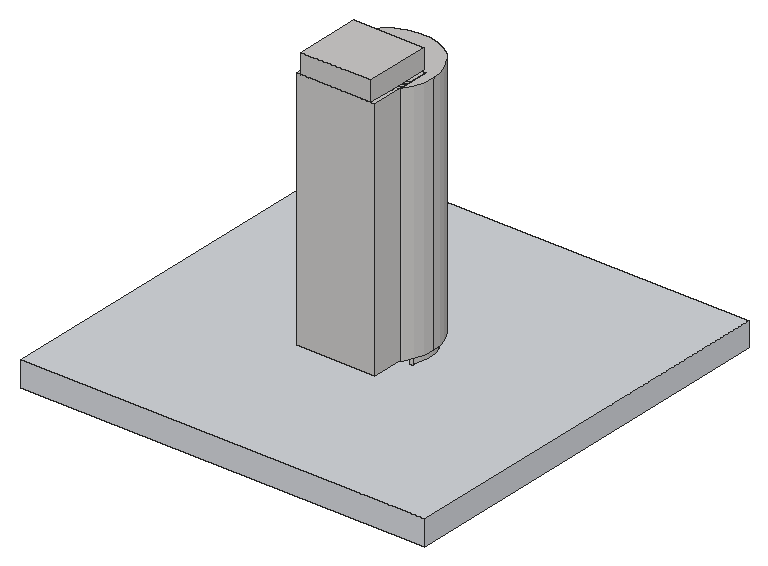
Revit family "DC_Rheem_PLM_HeavyDutyGas_630260", category Plumbing Fixtures, host Face, Revit 2018
Family settings
  Host = Face
  Round Connector Dimension = Use Radius
  Part Type = Normal
  Cut with Voids When Loaded = No
  Shared = No
  Room Calculation Point = No
Parameters (values of type "Heavy Duty Gas Storage - Outdoor - 260L - 51 MJ/h - Natural gas")
  URL = "http://www.rheem.com.au/CommercialProducts"
  Type Comments = "385L first hour delivery @ 50oC rise\r\n"
  TopDiameterD1_ANZRS = 189.215 mm
  T&PRValveRadius_ANZRS = 16 mm
  Thickness_ANZRS = 35.2 mm
  Model = "630260N0\r\n"
  Materials_ANZRS = Rheem - Joey Grey Steel
  Manufacturer = "Rheem\r\n"
  HotWaterOutletPipeRadius_ANZRS = HotWaterOutletPipeDiameter_ANZRS / 2  # 16 mm
  HotWaterOutletPipeDiameter_ANZRS = 32 mm
  GasInletPipeRadius_ANZRS = 10 mm
  DesignBy_ANZRS = "Design Content ©\r\n"
  Description = "Heavy Duty Gas Storage - Outdoor - 260L - 51 MJ/h - Natural gas"
  Default Elevation = 0 mm
  CylinderRadius_ANZRS = CylinderDiameterD2_ANZRS / 2  # 296.5 mm
  CylinderDiameterD2_ANZRS = 593 mm
  ColdWaterInletPipeRadius_ANZRS = ColdWaterInletPipeDiameter_ANZRS / 2  # 16 mm
  ColdWaterInletPipeDiameter_ANZRS = 32 mm
  Author_ANZRS = "DM"
  Assembly Code = ""
Types (3, lengths in mm): name | URL | Model | HotWaterOutletPipeRadius_ANZRS | HotWaterOutletPipeDiameter_ANZRS | Description | ColdWaterInletPipeRadius_ANZRS | ColdWaterInletPipeDiameter_ANZRS
  (no name) | "http://www.rheem.com.au/CommercialProducts" | "630260N0\r\n" | 16 | 32 | "Heavy Duty Gas Storage - Outdoor - 260L - 51 MJ/h - Natural gas" | 16 | 32
  Heavy Duty Gas Storage - Outdoor - 260L - 51 MJ/h - Natural gas | "http://www.rheem.com.au/CommercialProducts" | "630260N0\r\n" | 16 | 32 | "Heavy Duty Gas Storage - Outdoor - 260L - 51 MJ/h - Natural gas" | 16 | 32
  Heavy Duty Gas Storage - Outdoor - 260L - 47 MJ/h - Propane gas | "http://www.rheem.com.au/Products/commercialproducts/gas/rheemheavydutygasstoragewaterheater260litreindoor620260" | "630260P0\r\n" | 0 | 0 | "Heavy Duty Gas Storage - Outdoor - 260L - 47 MJ/h - Propane gas (Propane Gas not avaible in NSW)" | 0 | 0
Reference planes
  plane 1 "Center (Front/Back)": y = 0
  plane 2: z = 0
  plane 3 "Center (Left/Right)": x = 0
  plane 4: y = 296.5
  plane 5: y = -296.5
  plane 6: x = -296.5
  plane 7: x = 296.5
  plane 8: z = 1520
  plane 9: z = 1640
  plane 10: y = -328.5
  plane 11: y = -383.5
  plane 12: z = 175
  plane 13: x = -331.7
  plane 14: x = 331.7
  plane 15: y = 331.7
  plane 16: y = -331.7
  plane 17 "Base": z = 0
  plane 18: z = 50
  plane 19: z = 328
  plane 20: z = 1326
  plane 21: z = 525
  plane 22: x = -306.5
  plane 23: x = -286.5
  plane 24 "B": through (0, 0, 18000) normal (0.7071, 0.7071, 0)
  plane 25 "A": through (0, 0, 18000) normal (0.809, 0.5878, 0)
  plane 26: x = 210
  plane 27: x = -210
  plane 28: y = 32
  plane 29: through (0, 0, 18000) normal (0.454, -0.891, 0)
  plane 30 "Gas": through (-287.303, -146.388, 18000) normal (-0.891, -0.454, 0)
Forms (mm)
  Extrusion 1, solid
    sketch origin (0, 0, 0) x (1, 0, 0) y (0, 1, 0)
      loop
        line (-1219.2, 1219.2) -> (-1219.2, -1219.2) -> (1219.2, -1219.2) -> (1219.2, 1219.2) -> (-1219.2, 1219.2)
    from 0 to -150
  Extrusion 2, solid, material "Rheem - Joey Grey Steel" <- "Materials_ANZRS"
    sketch origin (0, 0, 0) x (1, 0, 0) y (0, 1, 0)
      loop
        circle (0, 0) r 296.5
    from 50 to 1520
  Extrusion 3, solid, material "Rheem - Joey Grey Steel" <- "Materials_ANZRS"
    sketch origin (0, 0, 0) x (-1, 0, 0) y (0, -1, 0)
      loop
        arc (-92.759, -252.881) -> (0.986, -269.355) -> (94.607, -252.195) r 269.356
        arc (94.607, -252.195) -> (99.995, -238.041) -> (85.683, -233.089) r 10.549
        arc (85.683, -233.089) -> (0, -248.339) -> (-85.683, -233.089) r 248.339
        arc (-85.683, -233.089) -> (-99.715, -239.233) -> (-92.759, -252.881) r 10.527
      loop
        arc (-252.372, 93.871) -> (-269.264, 0) -> (-252.372, -93.871) r 269.264
        arc (-252.372, -93.871) -> (-240.052, -101.259) -> (-233.089, -88.694) r 9.989
        arc (-233.089, -88.694) -> (-249.394, 0) -> (-233.089, 88.694) r 249.394
        arc (-233.089, 88.694) -> (-240.052, 101.259) -> (-252.372, 93.871) r 9.989
      loop
        arc (252.372, 93.871) -> (240.052, 101.259) -> (233.089, 88.694) r 9.989
        arc (233.089, 88.694) -> (249.394, 0) -> (233.089, -88.694) r 249.394
        arc (233.089, -88.694) -> (240.052, -101.259) -> (252.372, -93.871) r 9.989
        arc (252.372, -93.871) -> (269.264, 0) -> (252.372, 93.871) r 269.264
      loop
        arc (-92.759, 252.881) -> (-99.715, 239.233) -> (-85.683, 233.089) r 10.527
        arc (-85.683, 233.089) -> (0, 248.339) -> (85.683, 233.089) r 248.339
        arc (85.683, 233.089) -> (99.995, 238.041) -> (94.607, 252.195) r 10.549
        arc (94.607, 252.195) -> (0.986, 269.355) -> (-92.759, 252.881) r 269.356
    from 0 to 50
  Extrusion 4, solid, material "Rheem - Joey Grey Steel" <- "Materials_ANZRS"
    sketch origin (0, 0, 0) x (1, 0, 0) y (0, 1, 0)
      loop
        line (-235, 20.887) -> (-235, -364.113) -> (235, -364.113) -> (235, 20.887) -> (-235, 20.887)
    from 50 to 1520
  Extrusion 5, solid, material "Rheem - Joey Grey Steel" <- "Materials_ANZRS"
    sketch origin (0, 0, -610) x (1, 0, 0) y (0, 1, 0)
      loop
        line (-210, -364.113) -> (210, -364.113) -> (210, 32) -> (-210, 32) -> (-210, -364.113)
    from 2130 to 2250
  Extrusion 6, solid, material "Rheem - Joey Grey Steel" <- "Materials_ANZRS"
    sketch origin (0, 0, 0) x (0, 1, 0) y (0, 0, 1)
      loop
        circle (0, 1326) r 16
      loop
        circle (0, 328) r 16
    from -306.5 to -286.5
  Extrusion 7, solid, material "Rheem - Joey Grey Steel" <- "Materials_ANZRS"
    sketch origin (-235, -714.634, 13.4) x (0, 1, 0) y (0, 0, -1)
      loop
        circle (386.134, -161.6) r 10
    from 7.19 to -1.911
Cuts and joins
  joined: Extrusion 2, Extrusion 3, Extrusion 5, Extrusion 6, Extrusion 7
Lines and regions (mm)
  Masking region 1
    outline origin (0, 0, 0) x (1, 0, 0) y (0, 1, 0)
      loop
        line (-235, -180.796) -> (-235, -364.113) -> (-210, -364.113) -> (-210, -383.5) -> (210, -383.5) -> (210, -364.113) -> (235, -364.113) -> (235, -180.796)
        arc (235, -180.796) -> (0, 296.5) -> (-235, -180.796) r 296.5
  Masking region 2
    outline origin (0, 0, 0) x (1, 0, 0) y (0, 0, 1)
      loop
        line (-210, 1640) -> (-210, 1520) -> (-296.5, 1520) -> (-296.5, 1358) -> (-306.5, 1358) -> (-306.5, 1294) -> (-296.5, 1294) -> (-296.5, 360) -> (-306.5, 360) -> (-306.5, 296) -> (-296.5, 296) -> (-296.5, 50) -> (-269.264, 50) -> (-269.264, 0) -> (269.264, 0) -> (269.264, 50) -> (296.5, 50) -> (296.5, 1520) -> (210, 1520) -> (210, 1640) -> (-210, 1640)
  Masking region 3
    outline origin (0, 0, 0) x (0, 1, 0) y (0, 0, 1)
      loop
        line (32, 1640) -> (-383.5, 1640) -> (-383.5, 1520) -> (-349.113, 1520) -> (-349.113, 50) -> (-269.356, 50) -> (-269.356, 0) -> (269.356, 0) -> (269.356, 50) -> (296.5, 50) -> (296.5, 1520) -> (32, 1520) -> (32, 1640)
  symbolic lines, style "Rheem Heavy Duty Gas Storage", detail levels fine
    curve 1: line (0, 32, 1640) -> (0, -383.5, 1640)
    curve 2: line (0, 32, 1520) -> (0, 32, 1640)
    curve 3: line (0, -383.5, 1520) -> (0, 32, 1520)
    curve 4: line (0, -383.5, 1640) -> (0, -383.5, 1520)
    curve 5: line (0, 296.5, 1520) -> (0, -180.796, 1520)
    curve 6: line (0, 296.5, 50) -> (0, 296.5, 1520)
    curve 7: line (0, -180.796, 50) -> (0, 296.5, 50)
    curve 8: line (0, -180.796, 1520) -> (0, -180.796, 50)
    curve 9: line (0, -349.113, 50) -> (0, -180.796, 50)
    curve 10: line (0, -349.113, 1520) -> (0, -349.113, 50)
    curve 11: line (0, -180.796, 1520) -> (0, -349.113, 1520)
    curve 12: line (0, 269.356, 0) -> (0, 269.356, 50)
    curve 13: line (0, 231.957, 0) -> (0, 269.356, 0)
    curve 14: line (0, 231.957, 50) -> (0, 231.957, 0)
    curve 15: line (0, -269.356, 0) -> (0, -269.356, 50)
    curve 16: line (0, -231.957, 0) -> (0, -269.356, 0)
    curve 17: line (0, -231.957, 50) -> (0, -231.957, 0)
    curve 18: line (0, 101.601, 0) -> (0, -101.601, 0)
    curve 19: line (0, 101.601, 50) -> (0, 101.601, 0)
    curve 20: line (0, -101.601, 0) -> (0, -101.601, 50)
    curve 21: arc (0, 32, 1326) -> (0, 0, 1358) -> (0, -32, 1326) r 32
    curve 22: arc (0, -32, 1326) -> (0, 0, 1294) -> (0, 32, 1326) r 32
    curve 23: arc (0, 32, 328) -> (0, 0, 360) -> (0, -32, 328) r 32
    curve 24: arc (0, -32, 328) -> (0, 0, 296) -> (0, 32, 328) r 32
    curve 25: line (-296.5, 0, 1520) -> (296.5, 0, 1520)
    curve 26: line (-296.5, 0, 50) -> (-296.5, 0, 1520)
    curve 27: line (296.5, 0, 50) -> (-296.5, 0, 50)
    curve 28: line (296.5, 0, 1520) -> (296.5, 0, 50)
    curve 29: line (-210, 0, 1640) -> (210, 0, 1640)
    curve 30: line (-210, 0, 1520) -> (-210, 0, 1640)
    curve 31: line (210, 0, 1520) -> (-210, 0, 1520)
    curve 32: line (210, 0, 1640) -> (210, 0, 1520)
    curve 33: line (-100.986, 0, 50) -> (100.33, 0, 50)
    curve 34: line (-100.986, 0, 0) -> (-100.986, 0, 50)
    curve 35: line (100.33, 0, 50) -> (100.33, 0, 0)
    curve 36: line (-269.264, 0, 50) -> (-232.662, 0, 50)
    curve 37: line (-269.264, 0, 0) -> (-269.264, 0, 50)
    curve 38: line (-232.662, 0, 50) -> (-232.662, 0, 0)
    curve 39: line (269.264, 0, 50) -> (232.662, 0, 50)
    curve 40: line (269.264, 0, 0) -> (269.264, 0, 50)
    curve 41: line (232.662, 0, 50) -> (232.662, 0, 0)
    curve 42: line (-210, 32, 0) -> (210, 32, 0)
    curve 43: line (-210, -383.5, 0) -> (-210, 32, 0)
    curve 44: line (210, -383.5, 0) -> (-210, -383.5, 0)
    curve 45: line (210, 32, 0) -> (210, -383.5, 0)
    curve 46: line (-210, 20.887, 0) -> (-235, 20.887, 0)
    curve 47: line (-235, 20.887, 0) -> (-235, -364.113, 0)
    curve 48: line (-235, -364.113, 0) -> (-210, -364.113, 0)
    curve 49: line (210, -364.113, 0) -> (235, -364.113, 0)
    curve 50: line (235, -364.113, 0) -> (235, 20.887, 0)
    curve 51: line (235, 20.887, 0) -> (210, 20.887, 0)
    curve 52: arc (235, -181.59, 0) -> (0, 296.985, 0) -> (-235, -181.59, 0) r 296.985
    curve 53: line (-296.5, 0, 360) -> (-306.5, 0, 360)
    curve 54: line (-306.5, 0, 360) -> (-306.5, 0, 296)
    curve 55: line (-306.5, 0, 296) -> (-296.5, 0, 296)
    curve 56: line (-235, -364.113, 1520) -> (-235, -364.113, 50)
    curve 57: line (235, -364.113, 50) -> (235, -364.113, 1520)
    curve 58: line (171.5, -364.113, 50) -> (-171.5, -364.113, 50)
  model lines, style "Rheem Heavy Duty Gas Storage"
    curve 59: arc (0, -338.5, 175) -> (0, -328.5, 185) -> (0, -318.5, 175) r 10
    curve 60: arc (0, -318.5, 175) -> (0, -328.5, 165) -> (0, -338.5, 175) r 10
    curve 61: arc (0, -318.5, 175) -> (0, -328.5, 165) -> (0, -338.5, 175) r 10
    curve 62: arc (0, -338.5, 175) -> (0, -328.5, 185) -> (0, -318.5, 175) r 10
    curve 87: line (-121.5, -364.113, 700) -> (121.5, -364.113, 700)
    curve 88: line (-121.5, -364.113, 275) -> (-121.5, -364.113, 700)
    curve 89: line (171.5, -364.113, 275) -> (-171.5, -364.113, 275)
    curve 90: line (121.5, -364.113, 700) -> (121.5, -364.113, 275)
    curve 91: line (171.5, -364.113, 275) -> (171.5, -364.113, 50)
    curve 92: line (-171.5, -364.113, 275) -> (-171.5, -364.113, 50)
    curve 93: line (-121.5, -364.113, 1450) -> (121.5, -364.113, 1450)
    curve 94: line (-121.5, -364.113, 1207) -> (-121.5, -364.113, 1450)
    curve 95: line (121.5, -364.113, 1450) -> (121.5, -364.113, 1207)
    curve 96: line (-121.5, -364.113, 1207) -> (121.5, -364.113, 1207)
  symbolic lines, style "Rheem Heavy Duty Gas Storage"
    curve 63: arc (-301.839, 0, 1315.992) -> (-306.533, 0, 1325.992) -> (-301.839, 0, 1335.992) r 12.999
    curve 64: line (-301.839, 0, 1315.992) -> (-301.839, 0, 1296.926)
    curve 65: line (-301.839, 0, 1296.926) -> (-281.632, 0, 1296.926)
    curve 66: line (-281.632, 0, 1296.926) -> (-281.632, 0, 1315.992)
    curve 67: arc (-258.503, 0, 1352.384) -> (-249.438, 0, 1326.083) -> (-258.551, 0, 1299.799) r 42.573
    curve 68: line (-265.821, 0, 1352.384) -> (-258.503, 0, 1352.384)
    curve 69: line (-265.772, 0, 1299.799) -> (-258.551, 0, 1299.799)
    curve 70: line (-269.059, 0, 1335.992) -> (-301.839, 0, 1335.992)
    curve 71: line (-301.839, 0, 1315.992) -> (-269.059, 0, 1315.992)
    curve 72: arc (-265.821, 0, 1352.384) -> (-270.659, 0, 1344.615) -> (-273.725, 0, 1335.992) r 42.573
    curve 73: spline (-272.106, 0, 1341.253) -> (-269.256, 0, 1343.849) -> (-266.153, 0, 1344.187) -> (-263.19, 0, 1342.225) -> (-260.742, 0, 1338.21) -> (-259.118, 0, 1332.651) -> (-258.523, 0, 1326.251) -> (-259.034, 0, 1319.819) -> (-260.585, 0, 1314.168) -> (-262.98, 0, 1310.015) -> (-265.916, 0, 1307.883) -> (-269.022, 0, 1308.043) -> (-271.905, 0, 1310.474)
    curve 74: arc (-273.662, 0, 1315.992) -> (-270.583, 0, 1307.474) -> (-265.772, 0, 1299.799) r 42.573
    curve 75: arc (-269.059, 0, 1335.992) -> (-266.293, 0, 1325.992) -> (-269.059, 0, 1315.992) r 19.459
    curve 76: line (0, -134.05, 1335.952) -> (0, -157.475, 1335.952)
    curve 77: arc (0, -134.05, 1335.952) -> (0, -127.19, 1326.082) -> (0, -133.808, 1316.048) r 10.718
    curve 78: arc (0, -157.475, 1335.952) -> (0, -162.971, 1326.041) -> (0, -157.624, 1316.048) r 11.844
    curve 79: arc (0, -139.431, 1308.161) -> (0, -119.951, 1333.251) -> (0, -151.601, 1335.952) r 18.077
    curve 80: arc (0, -139.431, 1301.087) -> (0, -106.066, 1336.762) -> (0, -154.906, 1335.952) r 26.529
    curve 81: line (0, -133.808, 1316.048) -> (0, -157.624, 1316.048)
    curve 82: arc (0, -139.431, 1306.426) -> (0, -108.949, 1329.135) -> (0, -144.67, 1342.13) r 21.593
    curve 83: line (0, -139.431, 1316.048) -> (0, -139.431, 1296.926)
    curve 84: line (0, -139.431, 1296.926) -> (0, -154.431, 1296.926)
    curve 85: line (0, -154.431, 1316.048) -> (0, -154.431, 1296.926)
    curve 86: arc (0, -152.528, 1335.952) -> (0, -147.031, 1326.041) -> (0, -152.378, 1316.048) r 11.844
Dimensions and locks
  equal spacing: plane 4, plane 1 "Center (Front/Back)", plane 5
  "CylinderDiameterD2_ANZRS": plane 4 to plane 5
  equal spacing: plane 6, plane 3 "Center (Left/Right)", plane 7
  "CylinderDiameterD2_ANZRS": plane 6 to plane 7
  plane 8 to plane 17 "Base" = 1520 mm
  plane 9 to plane 17 "Base" = 1640 mm
  plane 4 to plane 10 = 625 mm
  plane 4 to plane 11 = 680 mm
  "Thickness_ANZRS": plane 13 to plane 6
  "Thickness_ANZRS": plane 7 to plane 14
  "Thickness_ANZRS": plane 15 to plane 4
  "Thickness_ANZRS": plane 16 to plane 5
  locked: plane 18 to plane 17 "Base" at 50
  plane 12 to plane 17 "Base" = 175 mm
  plane 20 to plane 19 = 998 mm
  plane 22 to plane 6 to plane 23 = 10 mm locked, 10 mm locked
  equal spacing: plane 27, plane 3 "Center (Left/Right)", plane 26
  plane 27 to plane 26 = 420 mm
  equal spacing: Extrusion 4 sketch curve, plane 3 "Center (Left/Right)", Extrusion 4 sketch curve
  Extrusion 4 sketch curve to Extrusion 4 sketch curve = 470 mm
  plane 19 to plane 17 "Base" = 328 mm
  "CylinderRadius_ANZRS": radius of Extrusion 2 sketch curve
  "HotWaterOutletPipeRadius_ANZRS": radius of Extrusion 6 sketch curve
  "ColdWaterInletPipeRadius_ANZRS": radius of Extrusion 6 sketch curve
  "GasInletPipeRadius_ANZRS": radius of Extrusion 7 sketch curve
  aligned and locked: plane 2 to Extrusion 1
  aligned and locked: level to Extrusion 1
  aligned and locked: plane 3 "Center (Left/Right)" to Extrusion 2 sketch curve
  aligned and locked: plane 1 "Center (Front/Back)" to Extrusion 2 sketch curve
  aligned and locked: plane 8 to Extrusion 2
  aligned and locked: Extrusion 2 to plane 18
  aligned: Extrusion 3 to Extrusion 2
  aligned and locked: Extrusion 2 to Extrusion 4  (x2)
  aligned: Extrusion 5 to plane 21
  aligned and locked: plane 1 "Center (Front/Back)" to Extrusion 6 sketch curve  (x2)
  aligned and locked: plane 20 to Extrusion 6 sketch curve
  aligned and locked: plane 19 to Extrusion 6 sketch curve
  aligned and locked: Extrusion 6 to plane 22
  aligned and locked: Extrusion 6 to plane 23
  aligned: cut or joined group of Extrusion 2, Extrusion 3, Extrusion 5, Extrusion 6, Extrusion 7 to plane 26
  aligned: cut or joined group of Extrusion 2, Extrusion 3, Extrusion 5, Extrusion 6, Extrusion 7 to plane 27
  aligned and locked: plane 28 to Extrusion 5 sketch curve
  aligned and locked: Extrusion 5 sketch curve to plane 26
  aligned and locked: plane 9 to Extrusion 5
  aligned and locked: Extrusion 5 to Extrusion 2
  aligned and locked: curve 29 to cut or joined group of Extrusion 2, Extrusion 3, Extrusion 5, Extrusion 6, Extrusion 7
  aligned and locked: curve 30 to cut or joined group of Extrusion 2, Extrusion 3, Extrusion 5, Extrusion 6, Extrusion 7
  aligned and locked: curve 31 to curve 25
  aligned and locked: curve 32 to cut or joined group of Extrusion 2, Extrusion 3, Extrusion 5, Extrusion 6, Extrusion 7
  aligned and locked: plane 12 to Extrusion 7 sketch curve
  aligned and locked: curve 59 to cut or joined group of Extrusion 2, Extrusion 3, Extrusion 5, Extrusion 6, Extrusion 7
  aligned and locked: plane 10 to Extrusion 7 sketch curve
Automatic sketch dimensions
  Extrusion 1 sketch curve to Extrusion 1 sketch curve = 2438.4 mm  (x2)
  Extrusion 5 sketch curve to plane 27 = 0 mm
  plane 11 to Extrusion 5 sketch curve = 19.387 mm
  plane 11 to Extrusion 4 sketch curve = 19.387 mm
  Extrusion 4 sketch curve to plane 28 = 11.113 mm
  curve 43 to plane 11 = 0 mm
  curve 43 to plane 27 = 0 mm
  plane 1 "Center (Front/Back)" to curve 52 = 0 mm
  curve 52 to plane 3 "Center (Left/Right)" = 0 mm
  curve 45 to plane 26 = 0 mm
  curve 43 to plane 28 = 0 mm
  curve 48 to curve 48 = 25 mm
  curve 49 to curve 49 = 25 mm
  curve 43 to curve 48 = 19.387 mm
  curve 44 to curve 49 = 19.387 mm
  curve 52 to plane 5 = 114.91 mm
  curve 50 to plane 28 = 11.113 mm
  curve 46 to curve 42 = 11.113 mm
  curve 72 to curve 74 = 0 mm  (x2)
  curve 54 to plane 22 = 0 mm
  curve 26 to plane 6 = 0 mm
  curve 73 to plane 20 = 0 mm
  curve 37 to plane 17 "Base" = 0 mm
  curve 36 to plane 18 = 0 mm
  curve 38 to plane 17 "Base" = 0 mm
  curve 33 to plane 18 = 0 mm
  curve 34 to plane 17 "Base" = 0 mm
  curve 35 to plane 17 "Base" = 0 mm
  curve 41 to plane 18 = 0 mm
  curve 41 to plane 17 "Base" = 0 mm
  curve 40 to plane 17 "Base" = 0 mm
  plane 7 to curve 27 = 0 mm
  curve 28 to plane 18 = 0 mm
  curve 25 to plane 8 = 0 mm
  plane 22 to curve 70 = 4.661 mm
  plane 22 to curve 71 = 4.661 mm
  curve 63 to plane 20 = 0.008 mm
  plane 6 to curve 63 = 2.967 mm
  plane 20 to curve 67 = 0.122 mm
  curve 63 to curve 67 = 1.522 mm
  curve 75 to plane 20 = 0.008 mm
  curve 75 to plane 23 = 0.747 mm
  curve 66 to plane 23 = 4.868 mm
  curve 75 to curve 73 = 9.758 mm
  curve 73 to curve 72 = 2.269 mm
  curve 66 to curve 74 = 7.97 mm
  curve 72 to curve 73 = 1.62 mm
  curve 74 to curve 73 = 1.757 mm
  curve 37 to plane 23 = 17.236 mm
  curve 72 to curve 70 = 4.666 mm
  curve 73 to curve 73 = 8.736 mm
  curve 73 to curve 68 = 6.285 mm
  curve 73 to curve 74 = 6.133 mm
  curve 74 to curve 69 = 7.221 mm
  curve 68 to curve 67 = 7.318 mm
  curve 38 to plane 27 = 22.662 mm
  plane 20 to curve 74 = 0.122 mm
  curve 33 to plane 3 "Center (Left/Right)" = 100.986 mm
  plane 3 "Center (Left/Right)" to curve 33 = 100.33 mm
  curve 41 to plane 26 = 22.662 mm
  plane 7 to curve 40 = 27.236 mm
  curve 55 to plane 19 = 32 mm
  plane 19 to curve 53 = 32 mm
  curve 65 to curve 69 = 2.873 mm
  curve 57 to Extrusion 4 = 0 mm  (x3)
  curve 56 to Extrusion 4 = 0 mm  (x3)
  curve 57 to curve 58 = 63.5 mm
  Masking region 2 sketch curve to plane 22 = 0 mm  (x2)
  Masking region 2 sketch curve to plane 6 = 0 mm  (x3)
  Masking region 2 sketch curve to plane 18 = 0 mm  (x2)
  Masking region 2 sketch curve to plane 17 "Base" = 0 mm
  Masking region 2 sketch curve to plane 8 = 0 mm  (x2)
  Masking region 2 sketch curve to plane 27 = 0 mm
  Masking region 2 sketch curve to plane 9 = 0 mm
  plane 26 to Masking region 2 sketch curve = 0 mm
  plane 7 to Masking region 2 sketch curve = 0 mm
  Masking region 2 sketch curve to plane 23 = 17.236 mm
  plane 7 to Masking region 2 sketch curve = 27.236 mm
  Masking region 2 sketch curve to plane 19 = 32 mm
  plane 19 to Masking region 2 sketch curve = 32 mm
  Masking region 2 sketch curve to plane 20 = 32 mm
  plane 20 to Masking region 2 sketch curve = 32 mm
  Masking region 3 sketch curve to plane 8 = 0 mm  (x2)
  Masking region 3 sketch curve to plane 11 = 0 mm
  Masking region 3 sketch curve to plane 18 = 0 mm  (x2)
  Masking region 3 sketch curve to plane 17 "Base" = 0 mm
  Masking region 3 sketch curve to plane 28 = 0 mm
  Masking region 3 sketch curve to plane 4 = 0 mm
  Masking region 3 sketch curve to plane 9 = 0 mm
  plane 16 to Masking region 3 sketch curve = 17.413 mm
  Masking region 3 sketch curve to plane 5 = 27.144 mm
  Masking region 3 sketch curve to plane 4 = 27.144 mm
  curve 21 to curve 22 = 0 mm  (x2)
  curve 23 to curve 24 = 0 mm  (x2)
  curve 59 to curve 61 = 0 mm  (x2)
  curve 80 to curve 82 = 0 mm  (x2)
  curve 1 to plane 9 = 0 mm
  curve 1 to plane 11 = 0 mm
  curve 10 to plane 18 = 0 mm
  curve 10 to plane 8 = 0 mm
  curve 16 to plane 17 "Base" = 0 mm
  curve 79 to plane 20 = 0 mm
  curve 82 to plane 20 = 0 mm
  curve 18 to plane 17 "Base" = 0 mm
  curve 21 to plane 20 = 0 mm
  curve 24 to plane 19 = 0 mm
  curve 23 to plane 1 "Center (Front/Back)" = 0 mm
  curve 22 to plane 1 "Center (Front/Back)" = 0 mm
  curve 24 to plane 28 = 0 mm
  curve 22 to plane 28 = 0 mm
  curve 2 to plane 8 = 0 mm
  curve 2 to plane 28 = 0 mm
  curve 14 to plane 17 "Base" = 0 mm
  curve 5 to plane 4 = 0 mm
  plane 16 to curve 10 = 17.413 mm
  curve 61 to curve 59 = 0 mm
  curve 16 to plane 5 = 27.144 mm
  curve 15 to curve 17 = 37.4 mm
  curve 5 to plane 5 = 115.704 mm
  curve 86 to plane 20 = 0.048 mm
  curve 86 to curve 21 = 126.874 mm
  curve 86 to curve 78 = 1.25 mm
  curve 86 to curve 76 = 1.4 mm
  curve 78 to curve 80 = 2.569 mm
  curve 78 to curve 85 = 3.193 mm
  curve 80 to curve 86 = 2.378 mm
  curve 85 to curve 86 = 2.053 mm
  curve 86 to curve 79 = 0.927 mm
  curve 78 to plane 20 = 0.048 mm
  curve 79 to curve 82 = 6.931 mm
  curve 86 to curve 82 = 12.947 mm
  curve 77 to plane 20 = 0.048 mm
  curve 83 to curve 77 = 1.524 mm
  curve 77 to curve 79 = 1.397 mm
  curve 79 to curve 77 = 2.46 mm
  curve 79 to curve 82 = 6.196 mm
  curve 7 to curve 20 = 79.195 mm
  plane 28 to curve 19 = 69.601 mm
  curve 14 to plane 4 = 64.543 mm
  curve 12 to curve 6 = 27.144 mm
  curve 85 to plane 20 = 29.074 mm
  curve 83 to curve 80 = 4.161 mm
  Extrusion 4 to curve 58 = 63.5 mm
  curve 91 to Extrusion 4 = 0 mm
  curve 95 to Extrusion 4 = 113.5 mm
  curve 89 to curve 90 = 50 mm
  Extrusion 4 to curve 94 = 113.5 mm
  curve 88 to curve 92 = 50 mm
  Extrusion 4 to curve 94 = 70 mm
  curve 93 to curve 96 = 243 mm
  curve 94 to curve 87 = 507 mm
  curve 92 to curve 92 = 225 mm
  Masking region 1 sketch curve to plane 11 = 0 mm
  Masking region 1 sketch curve to plane 27 = 0 mm
  plane 1 "Center (Front/Back)" to Masking region 1 sketch curve = 0 mm
  Masking region 1 sketch curve to plane 3 "Center (Left/Right)" = 0 mm
  Masking region 1 sketch curve to plane 26 = 0 mm
  Masking region 1 sketch curve to plane 26 = 25 mm
  Masking region 1 sketch curve to Masking region 1 sketch curve = 19.387 mm  (x2)
  Masking region 1 sketch curve to Masking region 1 sketch curve = 25 mm
  Masking region 1 sketch curve to plane 5 = 115.704 mm
  Extrusion 3 sketch curve to Extrusion 3 sketch curve = 0 mm  (x56)
  plane 1 "Center (Front/Back)" to Extrusion 3 sketch curve = 0 mm
  Extrusion 3 sketch curve to plane 3 "Center (Left/Right)" = 0 mm
  plane 3 "Center (Left/Right)" to Extrusion 3 sketch curve = 85.683 mm  (x2)
  Extrusion 3 sketch curve to Extrusion 3 sketch curve = 4.119 mm  (x2)
  Extrusion 3 sketch curve to Extrusion 3 sketch curve = 2.956 mm  (x2)
  Extrusion 3 sketch curve to plane 26 = 23.089 mm  (x2)
  Extrusion 3 sketch curve to Extrusion 3 sketch curve = 9.553 mm  (x4)
  Extrusion 3 sketch curve to Extrusion 3 sketch curve = 9.73 mm  (x4)
  Extrusion 3 sketch curve to plane 3 "Center (Left/Right)" = 85.683 mm  (x2)
  Extrusion 3 sketch curve to Extrusion 3 sketch curve = 4.755 mm  (x2)
  Extrusion 3 sketch curve to Extrusion 3 sketch curve = 4.17 mm  (x2)
  Extrusion 3 sketch curve to plane 27 = 23.089 mm  (x2)
  plane 28 to Extrusion 3 sketch curve = 56.694 mm  (x2)
  Extrusion 3 sketch curve to Extrusion 3 sketch curve = 2.918 mm  (x2)
  Extrusion 3 sketch curve to plane 4 = 63.411 mm
  Extrusion 3 sketch curve to Extrusion 3 sketch curve = 9.416 mm  (x2)
  Extrusion 3 sketch curve to plane 5 = 63.411 mm
Nested families
  nested 1: "Rheem Valve" at (-284.823, -145.125, 1326) x (0.454, -0.891, 0) z (0, 0, 1), type "Rheem Valve", detail levels fine
Connectors
  piping at (-306.5, 0, 1326), diameter 32, driven by "HotWaterOutletPipeRadius_ANZRS"
    settings: on cut or joined group of Extrusion 2, Extrusion 3, Extrusion 5, Extrusion 6, Extrusion 7, index 1, connector inside diameter 1.25984", connector length 0 mm, flow factor 0, pipe flow 0 GPM, pressure drop 0.00 psi, fitting loss kfactor 0, connector angle 0.00°, fixture units 0, engagement length 0 mm, angle of deflection 0.00°, flow configuration 1, flow direction 2, fitting loss method 0, system type 19, joint type 0, gender type 0, connector reference index -1, connector utility 0, adjustable connector no, is connector primary yes, connector description ""
  piping at (-306.5, 0, 328), diameter 32, driven by "ColdWaterInletPipeRadius_ANZRS"
    settings: on cut or joined group of Extrusion 2, Extrusion 3, Extrusion 5, Extrusion 6, Extrusion 7, index 2, connector inside diameter 1.25984", connector length 0 mm, flow factor 0, pipe flow 0 GPM, pressure drop 0.00 psi, fitting loss kfactor 0, connector angle 0.00°, fixture units 0, engagement length 0 mm, angle of deflection 0.00°, flow configuration 1, flow direction 1, fitting loss method 0, system type 20, joint type 0, gender type 0, connector reference index -1, connector utility 0, adjustable connector no, is connector primary no, connector description ""
  piping at (-242.19, -328.5, 175), diameter 20, driven by "GasInletPipeRadius_ANZRS"
    settings: on cut or joined group of Extrusion 2, Extrusion 3, Extrusion 5, Extrusion 6, Extrusion 7, index 4, connector inside diameter 0.7874", connector length 0 mm, flow factor 0, pipe flow 0 GPM, pressure drop 0.00 psi, fitting loss kfactor 0, connector angle 0.00°, fixture units 0, engagement length 0 mm, angle of deflection 0.00°, flow configuration 1, flow direction 1, fitting loss method 0, system type 22, joint type 0, gender type 0, connector reference index -1, connector utility 0, adjustable connector no, is connector primary no, connector description "Gas"
  piping at (-291.632, -148.594, 1296.926), diameter 20
    settings: on nested 1, index 5, connector inside diameter 0.7874", connector length 0 mm, flow factor 0, pipe flow 0 GPM, pressure drop 0.00 psi, fitting loss kfactor 0, connector angle 0.00°, fixture units 0, engagement length 0 mm, angle of deflection 0.00°, flow configuration 1, flow direction 2, fitting loss method 0, system type 16, joint type 0, gender type 0, connector reference index -1, connector utility 0, adjustable connector no, is connector primary no, connector description ""
Definition of nested family "Rheem Valve"
  Parameters
    Gas Material = none
    Assembly Code = ""
  Reference planes
    plane 1 "Center (Front/Back)": y = 0
    plane 2: z = 0
    plane 3 "Center (Left/Right)": x = 0
  Forms (mm)
    Extrusion 1, solid, material <- "Gas Material"
      sketch origin (0, 0, 0) x (1, 0, 0) y (0, 1, 0)
        loop
          circle (0, -7.641) r 10
      from 0 to -29.074
    Revolve 2, solid, material <- "Gas Material"
      sketch origin (0, 0, 0) x (1, 0, 0) y (0, 1, 0)
        loop
          line (-27.668, 40) -> (-27.668, 25.616) -> (-18.681, 20) -> (-9.939, 20) -> (-9.939, -20) -> (0, -20) -> (0, 40) -> (-27.668, 40)
        axis (0, 40) -> (0, -20)
      angle from 0 to 360
  Dimensions and locks
    aligned and locked: level to plane 2
